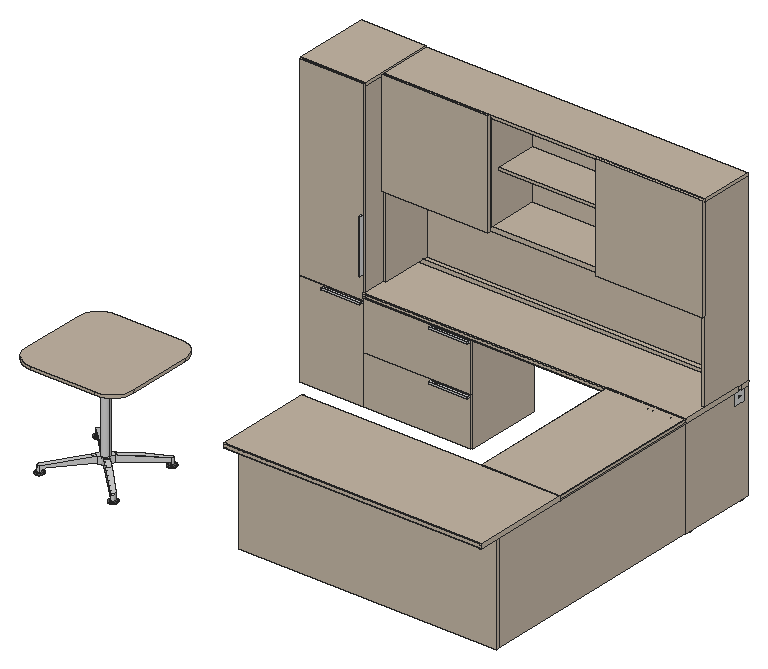
Revit family "FLT007", category Furniture, Revit 2015 (continued)
Definition of nested family "JSI-Flux-Wb_Pm_Ht"
  Dimensions and locks (in)
    aligned and locked: Extrusion 24 sketch curve to plane 58
    aligned and locked: Extrusion 24 sketch curve to plane 79
    aligned and locked: Extrusion 24 sketch curve to plane 80
    aligned and locked: plane 12 to Extrusion 24
    aligned and locked: Extrusion 24 to plane 49
    aligned and locked: curve 25 to plane 57
    aligned and locked: curve 26 to plane 58
    aligned and locked: plane 40 to curve 26
    aligned and locked: plane 26 to curve 26
    aligned and locked: plane 26 to curve 27
    aligned and locked: plane 40 to curve 28
  Automatic sketch dimensions
    Extrusion 8 sketch curve to plane 22 = 0' - 0"
    plane 25 to Extrusion 8 sketch curve = 0' - 0"
    Extrusion 9 sketch curve to plane 23 = 0' - 0"
    plane 25 to Extrusion 9 sketch curve = 0' - 0"
    Extrusion 10 sketch curve to plane 22 = 0' - 0"
    plane 24 to Extrusion 10 sketch curve = 0' - 0"
    Extrusion 11 sketch curve to plane 23 = 0' - 0"
    plane 24 to Extrusion 11 sketch curve = 0' - 0"
    plane 20 to Extrusion 1 sketch curve = 0' - 0"
    plane 20 to Extrusion 2 sketch curve = 0' - 0"
    plane 8 to curve 4 = 0' - 0"
    plane 18 to curve 14 = 0' - 0"
    plane 17 to curve 13 = 0' - 0"
    Extrusion 12 sketch curve to plane 9 = 0' - 0"
    Extrusion 13 sketch curve to plane 56 = 0' - 0"
  Nested families (in)
    nested 1: "Label 1-16" at (-27.03288, -11.0625, 0), type "DRWCFG"
    nested 2: "Hanger" at (-28.02501, -0.15625, 77.59375), Hngr L <- "Hngr_L", Hngr R <- "Hngr_R", Hanger Finish <- "Pull Finish", type "HNGR"
      with Hngr R no, Hngr L yes, Hanger Finish none
    nested 3: "Bar Pull CL" at (-32.97814, -11.0625, 26.73438), visible <- "Top_Pull", Pull Line <- "Top_Pull", Pull Finish <- "Pull Finish", type "PL"
      with Pull Line yes, Pull Finish none, Stud 0' - 1.54911", Pull Width 0' - 10 27/32"
    nested 4: "Bar Pull CL" at (-32.97814, -11.0625, 20.375), visible <- "C_Pull", Pull Line <- "C_Pull", Pull Finish <- "Pull Finish", type "PL"
      with Pull Line yes, Pull Finish none, Stud 0' - 1.54911", Pull Width 0' - 10 27/32"
    nested 5: "Bar Pull CL" at (-32.97814, -11.0625, 14.01563), visible <- "Bottom Pull", Pull Line <- "Bottom Pull", Pull Finish <- "Pull Finish", type "PL"
      with Pull Line yes, Pull Finish none, Stud 0' - 1.54911", Pull Width 0' - 10 27/32"
    nested 6: "Bar Pull V" at (-27.55626, -11.0625, 40.76563), Pull R <- "V_Pull_L_R", Pull L <- "V_Pull_L_L", Pull Finish <- "Pull Finish", type "PL"
      with Pull R no, Pull L no, Pull Finish none, Tuks Width 0' - 2.47396", Pull Width 1' - 2 27/32"
    nested 7: "Bar Pull V" at (-26.99376, -11.0625, 40.76563), Pull R <- "V_Pull_R_R", Pull L <- "V_Pull_R_L", Pull Finish <- "Pull Finish", type "PL"
      with Pull R no, Pull L yes, Pull Finish none, Tuks Width 0' - 2.47396", Pull Width 1' - 2 27/32"
    nested 8: "Bar Pull CL" at (-13.82189, -11.0625, 26.73438), Pull Finish <- "Pull Finish", visible <- "Top_2_Pull", Pull Line <- "Top_2_Pull", type "PL"
      with Pull Line no, Pull Finish none, Stud 0' - 1.54911", Pull Width 0' - 10 27/32"
  Definition of nested family "Hanger"
    Parameters
      Hngr L [instance] = yes
      Hngr R [instance] = yes
      Hanger Finish [instance] = none
    Reference planes (in)
      plane 1 "Center Front/Back": y = 0
      plane 2: z = 0
      plane 3 "Center Left/Right": x = 3.24213
    Forms (in)
      Extrusion 1, solid, material <- "Hanger Finish", visible <- "Hngr R"
        sketch origin (0, 0, -65.69959) x (1, 0, 0) y (0, 0, 1)
          loop
            line (3.24213, 65.32459) -> (3.24213, 63.58858)
            arc (3.24213, 63.58858) -> (3.7521, 62.87944) -> (4.58667, 63.13722) r 0.74803
            line (4.58667, 63.13722) -> (4.85512, 63.492) -> (4.73078, 63.58608) -> (4.45513, 63.2218)
            arc (4.45513, 63.2218) -> (3.83, 63.04103) -> (3.47835, 63.58858) r 0.54433
            line (3.47835, 63.58858) -> (3.55698, 64.7131)
            arc (3.55698, 64.7131) -> (3.65039, 65.09816) -> (3.86566, 65.43082) r 1.18359
            line (3.86566, 65.43082) -> (3.6823, 65.63583) -> (3.37377, 65.35987)
            arc (3.37377, 65.35987) -> (3.31215, 65.32654) -> (3.24213, 65.32459) r 0.15109
        from -0.46747 to 0.46747
      Extrusion 2, void
        sketch origin (3.24213, 0, -65.69959) x (0, 1, 0) y (0, 0, 1)
          loop
            line (0.46747, 65.91904) -> (0.30479, 62.81504) -> (0.46747, 62.81504) -> (0.46747, 65.91904)
          loop
            line (-0.46747, 65.91904) -> (-0.46747, 62.81504) -> (-0.30479, 62.81504) -> (-0.46747, 65.91904)
        from -1.75548 to 1.75581
      Extrusion 3, solid, material <- "Hanger Finish", visible <- "Hngr L"
        sketch origin (6.48425, 0, -65.69959) x (-1, 0, 0) y (0, 0, -1)
          loop
            arc (3.24213, -65.32459) -> (3.31215, -65.32654) -> (3.37377, -65.35987) r 0.15109
            line (3.37377, -65.35987) -> (3.6823, -65.63583) -> (3.86566, -65.43082)
            arc (3.86566, -65.43082) -> (3.65039, -65.09816) -> (3.55698, -64.7131) r 1.18359
            line (3.55698, -64.7131) -> (3.47835, -63.58858)
            arc (3.47835, -63.58858) -> (3.83, -63.04103) -> (4.45513, -63.2218) r 0.54433
            line (4.45513, -63.2218) -> (4.73078, -63.58608) -> (4.85512, -63.492) -> (4.58667, -63.13722)
            arc (4.58667, -63.13722) -> (3.7521, -62.87944) -> (3.24213, -63.58858) r 0.74803
            line (3.24213, -63.58858) -> (3.24213, -65.32459)
        from -0.46747 to 0.46747
    Cuts and joins
      Extrusion 2 cuts Extrusion 3
      Extrusion 2 cuts Extrusion 1
    Dimensions and locks (in)
      aligned and locked: level to plane 2
  Definition of nested family "Bar Pull CL"
    Parameters
      Stud = Pull Width / 7  # 0' - 2.12054"
      Pull Width = 1' - 2 27/32"
      Pull Line [instance] = yes
      Pull Finish [instance] = none
    Reference planes (in)
      plane 1 "Center Front/Back": y = 0
      plane 2: z = 0
      plane 3 "Center Left/Right": x = 3.24213
    Forms (in)
      Extrusion 1, solid, material <- "Pull Finish"
        sketch origin (0, 0, 0) x (1, 0, 0) y (0, 1, 0)
          loop
            line (-4.17975, 0) -> (-4.17975, -0.85113)
            arc (-4.17975, -0.85113) -> (-4.15229, -0.91742) -> (-4.086, -0.94488) r 0.09375
            line (-4.086, -0.94488) -> (10.58526, -0.94488)
            arc (10.58526, -0.94488) -> (10.64094, -0.92182) -> (10.664, -0.86614) r 0.07874
            line (10.664, -0.86614) -> (10.664, 0) -> (8.54347, 0) -> (8.54347, -0.70177)
            arc (8.54347, -0.70177) -> (8.50685, -0.79016) -> (8.41847, -0.82677) r 0.125
            line (8.41847, -0.82677) -> (-1.93421, -0.82677)
            arc (-1.93421, -0.82677) -> (-2.0226, -0.79016) -> (-2.05921, -0.70177) r 0.125
            line (-2.05921, -0.70177) -> (-2.05921, 0) -> (-4.17975, 0)
        from -0.43307 to -0.11811
      Extrusion 2, solid, material <- "Pull Finish"
        sketch origin (0, 0, 0) x (1, 0, 0) y (0, 1, 0)
          loop
            line (-4.17975, 0) -> (-4.17975, -0.85113)
            arc (-4.17975, -0.85113) -> (-4.15229, -0.91742) -> (-4.086, -0.94488) r 0.09375
            line (-4.086, -0.94488) -> (10.58526, -0.94488)
            arc (10.58526, -0.94488) -> (10.64094, -0.92182) -> (10.664, -0.86614) r 0.07874
            line (10.664, -0.86614) -> (10.664, 0) -> (-4.17975, 0)
        from 0 to -0.11811
    Cuts and joins
      joined: Extrusion 1, Extrusion 2
    Lines and regions (in)
      symbolic lines, visible <- "Pull Line"
        curve 1: line (-4.17975, 0, 0) -> (-4.17975, -0.85113, 0)
        curve 2: line (10.664, -0.86614, 0) -> (10.664, 0, 0)
        curve 3: line (-4.086, -0.94488, 0) -> (10.58526, -0.94488, 0)
        curve 4: arc (-4.17975, -0.85113, 0) -> (-4.15229, -0.91742, 0) -> (-4.086, -0.94488, 0) r 0.09375
        curve 5: arc (10.58526, -0.94488, 0) -> (10.64094, -0.92182, 0) -> (10.664, -0.86614, 0) r 0.07874
    Dimensions and locks (in)
      equal spacing: Extrusion 1 sketch curve, plane 3 "Center Left/Right", Extrusion 1 sketch curve
      "Stud": Extrusion 1 sketch curve to Extrusion 1 sketch curve  (x2)
      "Pull Width": Extrusion 1 sketch curve to Extrusion 1 sketch curve
      aligned and locked: level to plane 2
      aligned and locked: Extrusion 2 sketch curve to Extrusion 1  (x2)
      aligned and locked: cut or joined group of Extrusion 1, Extrusion 2 to curve 1
      aligned and locked: curve 4 to cut or joined group of Extrusion 1, Extrusion 2
      aligned and locked: curve 5 to cut or joined group of Extrusion 1, Extrusion 2
      aligned and locked: plane 1 "Center Front/Back" to curve 1
      aligned and locked: plane 1 "Center Front/Back" to curve 2
    Automatic sketch dimensions
      plane 1 "Center Front/Back" to Extrusion 2 sketch curve = 0' - 0"
      plane 1 "Center Front/Back" to Extrusion 1 sketch curve = 0' - 0"  (x2)
      Extrusion 1 sketch curve to Extrusion 1 sketch curve = 0' - 0 3/32"
      Extrusion 1 sketch curve to Extrusion 1 sketch curve = 0' - 0 1/8"  (x2)
      Extrusion 1 sketch curve to Extrusion 1 sketch curve = 0' - 0.07874"
      plane 1 "Center Front/Back" to Extrusion 1 sketch curve = 0' - 0.70177"
      Extrusion 1 sketch curve to Extrusion 1 sketch curve = 0' - 0.85113"
  Definition of nested family "Bar Pull V"
    Parameters
      Tuks Width = Pull Width / 6  # 0' - 2.47917"
      Pull Width = 1' - 2 7/8"
      Pull R [instance] = yes
      Pull L [instance] = yes
      Pull Finish [instance] = none
    Reference planes (in)
      plane 1 "Center Front/Back": y = 0
      plane 2: z = 0
      plane 3 "Center Left/Right": x = 3.24213
      plane 4: z = 7.4375
      plane 5: z = -7.4375
      plane 6: z = 4.95833
      plane 7: z = -4.95833
    Forms (in)
      Extrusion 1, solid, material <- "Pull Finish", visible <- "Pull R"
        sketch origin (3.24213, 0, 3.24963) x (0, 0, -1) y (0, 1, 0)
          loop
            line (-4.18787, 0) -> (-4.18787, -0.85113)
            arc (-4.18787, -0.85113) -> (-4.16041, -0.91742) -> (-4.09412, -0.94488) r 0.09375
            line (-4.09412, -0.94488) -> (10.60839, -0.94488)
            arc (10.60839, -0.94488) -> (10.66407, -0.92182) -> (10.68713, -0.86614) r 0.07874
            line (10.68713, -0.86614) -> (10.68713, 0) -> (8.20796, 0) -> (8.20796, -0.70177)
            arc (8.20796, -0.70177) -> (8.17135, -0.79016) -> (8.08296, -0.82677) r 0.125
            line (8.08296, -0.82677) -> (-1.5837, -0.82677)
            arc (-1.5837, -0.82677) -> (-1.67209, -0.79016) -> (-1.7087, -0.70177) r 0.125
            line (-1.7087, -0.70177) -> (-1.7087, 0) -> (-4.18787, 0)
        from -0.43307 to -0.11811
      Extrusion 2, solid, material <- "Pull Finish", visible <- "Pull R"
        sketch origin (3.24213, 0, 3.24963) x (0, 0, -1) y (0, 1, 0)
          loop
            line (-4.18787, 0) -> (-4.18787, -0.85113)
            arc (-4.18787, -0.85113) -> (-4.16041, -0.91742) -> (-4.09412, -0.94488) r 0.09375
            line (-4.09412, -0.94488) -> (10.60839, -0.94488)
            arc (10.60839, -0.94488) -> (10.66407, -0.92182) -> (10.68713, -0.86614) r 0.07874
            line (10.68713, -0.86614) -> (10.68713, 0) -> (-4.18787, 0)
        from 0 to -0.11811
      Extrusion 3, solid, material <- "Pull Finish", visible <- "Pull L"
        sketch origin (3.24213, 0, 3.24963) x (0, 0, -1) y (0, -1, 0)
          loop
            line (-4.18787, 0) -> (-1.7087, 0) -> (-1.7087, 0.70177)
            arc (-1.7087, 0.70177) -> (-1.67209, 0.79016) -> (-1.5837, 0.82677) r 0.125
            line (-1.5837, 0.82677) -> (8.08296, 0.82677)
            arc (8.08296, 0.82677) -> (8.17135, 0.79016) -> (8.20796, 0.70177) r 0.125
            line (8.20796, 0.70177) -> (8.20796, 0) -> (10.68713, 0) -> (10.68713, 0.86614)
            arc (10.68713, 0.86614) -> (10.66407, 0.92182) -> (10.60839, 0.94488) r 0.07874
            line (10.60839, 0.94488) -> (-4.09412, 0.94488)
            arc (-4.09412, 0.94488) -> (-4.16041, 0.91742) -> (-4.18787, 0.85113) r 0.09375
            line (-4.18787, 0.85113) -> (-4.18787, 0)
        from -0.43307 to -0.11811
      Extrusion 4, solid, material <- "Pull Finish", visible <- "Pull L"
        sketch origin (3.24213, 0, 3.24963) x (0, 0, -1) y (0, -1, 0)
          loop
            line (-4.18787, 0) -> (10.68713, 0) -> (10.68713, 0.86614)
            arc (10.68713, 0.86614) -> (10.66407, 0.92182) -> (10.60839, 0.94488) r 0.07874
            line (10.60839, 0.94488) -> (-4.09412, 0.94488)
            arc (-4.09412, 0.94488) -> (-4.16041, 0.91742) -> (-4.18787, 0.85113) r 0.09375
            line (-4.18787, 0.85113) -> (-4.18787, 0)
        from 0 to -0.11811
    Cuts and joins
      joined: Extrusion 1, Extrusion 2
      joined: Extrusion 3, Extrusion 4
    Dimensions and locks (in)
      "Pull Width": plane 4 to plane 5
      "Tuks Width": plane 4 to plane 6
      "Tuks Width": plane 7 to plane 5
      equal spacing: plane 4, plane 2, plane 5
      aligned and locked: level to plane 2
      aligned and locked: Extrusion 2 sketch curve to Extrusion 1  (x2)
      aligned and locked: Extrusion 4 sketch curve to Extrusion 3  (x2)
      aligned and locked: plane 4 to cut or joined group of Extrusion 1, Extrusion 2  (x3)
      aligned and locked: plane 4 to cut or joined group of Extrusion 3, Extrusion 4
      aligned and locked: cut or joined group of Extrusion 1, Extrusion 2 to plane 6
      aligned and locked: cut or joined group of Extrusion 3, Extrusion 4 to plane 6
      aligned and locked: plane 7 to cut or joined group of Extrusion 1, Extrusion 2
      aligned and locked: cut or joined group of Extrusion 1, Extrusion 2 to plane 5
      aligned and locked: cut or joined group of Extrusion 3, Extrusion 4 to plane 5
    Automatic sketch dimensions
      Extrusion 1 sketch curve to plane 4 = 0' - 0"
      Extrusion 1 sketch curve to plane 6 = 0' - 0"
      Extrusion 1 sketch curve to plane 1 "Center Front/Back" = 0' - 0"  (x2)
      Extrusion 1 sketch curve to plane 7 = 0' - 0"
      Extrusion 1 sketch curve to plane 5 = 0' - 0"
      Extrusion 1 sketch curve to Extrusion 1 sketch curve = 0' - 0 3/32"
      Extrusion 1 sketch curve to plane 6 = 0' - 0 1/8"
      plane 7 to Extrusion 1 sketch curve = 0' - 0 1/8"
      plane 5 to Extrusion 1 sketch curve = 0' - 0.07874"
      plane 1 "Center Front/Back" to Extrusion 1 sketch curve = 0' - 0.70177"
      Extrusion 1 sketch curve to Extrusion 1 sketch curve = 0' - 0.85113"
      Extrusion 2 sketch curve to plane 4 = 0' - 0"
      Extrusion 2 sketch curve to plane 5 = 0' - 0"
      Extrusion 2 sketch curve to Extrusion 2 sketch curve = 0' - 0 3/32"
      Extrusion 2 sketch curve to Extrusion 2 sketch curve = 0' - 0.07874"
      Extrusion 3 sketch curve to plane 4 = 0' - 0"
      Extrusion 3 sketch curve to plane 6 = 0' - 0"
      Extrusion 3 sketch curve to plane 1 "Center Front/Back" = 0' - 0"  (x2)
      Extrusion 3 sketch curve to plane 7 = 0' - 0"
      Extrusion 3 sketch curve to plane 5 = 0' - 0"
      Extrusion 3 sketch curve to plane 4 = 0' - 0 3/32"
      Extrusion 3 sketch curve to plane 6 = 0' - 0 1/8"
      plane 7 to Extrusion 3 sketch curve = 0' - 0 1/8"
      plane 5 to Extrusion 3 sketch curve = 0' - 0.07874"
      plane 1 "Center Front/Back" to Extrusion 3 sketch curve = 0' - 0.70177"
      Extrusion 3 sketch curve to Extrusion 3 sketch curve = 0' - 0.85113"
      Extrusion 4 sketch curve to plane 4 = 0' - 0"
      Extrusion 4 sketch curve to plane 5 = 0' - 0"
      Extrusion 4 sketch curve to plane 4 = 0' - 0 3/32"
      Extrusion 4 sketch curve to Extrusion 4 sketch curve = 0' - 0.07874"
  Definition of nested family "Label 1-16"
    Parameters
      Model Name = "BF - BF - BF"
    Reference planes (in)
      plane 1: y = 0
      plane 2: x = 0
    Text (in)
      label "XX" at (0.00051, -0.12324, 0), shows "Model Name"
Definition of nested family "JSI-Flux-Square-Stationary_Table"
  Parameters (values of type "FLT2424ST4B,Laminate 24x24 Square Stationary Height Table")
    Worksurface = none
    Width = 2' - 0"
    URL = "www.jsifurniture.com"
    Type Comments = ""
    Support = none
    Series = "FLUX"  # constant formula
    Legs = none
    Model = "FLT2424ST4B"
    Material = ""
    Manufacturer = "JSI"  # constant formula
    Keynote = "12500"
    JSI Enviromental Website = "http://www.jsifurniture.com/jsi_sustainability_intro.php"
    Height = 2' - 5"
    Glides = none
    Description = "Square Stationary Height Table, Depth 24”, Width 24”, Height 29”, Laminate"
    Depth = 2' - 0"
    Assembly Code = "E2020200"
  Types (4): name | Width | Model | Description | Depth
    FLV3030ST4B,Veneer 30x30 Square Stationary Height Table | 2' - 6" | "FLV3030ST4B" | "Square Stationary Height Table, Depth 30”, Width 30”, Height 29”, Venner" | 2' - 6"
    FLV2424ST4B,Veneer 24x24 Square Stationary Height Table | 2' - 0" | "FLV2424ST4B" | "Square Stationary Height Table, Depth 24”, Width 24”, Height 29”, Venner" | 2' - 0"
    FLT3030ST4B,Laminate 30x30 Square Stationary Height Table | 2' - 6" | "FLT3030ST4B" | "Square Stationary Height Table, Depth 30”, Width 30”, Height 29”, Laminate" | 2' - 6"
    FLT2424ST4B,Laminate 24x24 Square Stationary Height Table | 2' - 0" | "FLT2424ST4B" | "Square Stationary Height Table, Depth 24”, Width 24”, Height 29”, Laminate" | 2' - 0"
  Reference planes (in)
    plane 1: z = 0
    plane 2 "Center (Left/Right)": x = -36.06413
    plane 3: z = 29
    plane 4 "Center (Front/Back)": y = 10.75
    plane 5: z = 28.25
    plane 6: z = 28
    plane 7: y = 22.75
    plane 8: y = -1.25
    plane 9: x = -48.06413
    plane 10: x = -24.06413
    plane 11: z = 3.77058
    plane 12: through (-41.94098, 16.62684, 48) normal (-0.7071, -0.7071, 0)
    plane 13: through (-30.05373, 16.76041, 48) normal (-0.7071, 0.7071, 0)
  Forms (in)
    Sweep 1, solid, material <- "Worksurface"
      path origin (0, 0, 0) x (1, 0, 0) y (0, 1, 0)
        loop
          line (-30.06413, 22.75) -> (-42.06413, 22.75)
          arc (-42.06413, 22.75) -> (-46.30678, 20.99264) -> (-48.06413, 16.75) r 6
          line (-48.06413, 16.75) -> (-48.06413, 4.75)
          arc (-48.06413, 4.75) -> (-46.30678, 0.50736) -> (-42.06413, -1.25) r 6
          line (-42.06413, -1.25) -> (-30.06413, -1.25)
          arc (-30.06413, -1.25) -> (-25.82149, 0.50736) -> (-24.06413, 4.75) r 6
          line (-24.06413, 4.75) -> (-24.06413, 16.75)
          arc (-24.06413, 16.75) -> (-25.82149, 20.99264) -> (-30.06413, 22.75) r 6
      profile origin (-36.06413, 22.75, 0) x (0, -1, 0) y (0, 0, 1)
        loop
          line (0, 29) -> (0, 28.25) -> (0.05897, 28.25) -> (0.05897, 29) -> (0, 29)
    Extrusion 2, solid, material <- "Worksurface"
      sketch origin (-30.06413, 22.75, 29) x (-1, 0, 0) y (0, -1, 0)
        loop
          line (12, 23.94103) -> (0, 23.94103)
          arc (0, 23.94103) -> (-4.20094, 22.20094) -> (-5.94103, 18) r 5.94103
          line (-5.94103, 18) -> (-5.94103, 6)
          arc (-5.94103, 6) -> (-4.20094, 1.79906) -> (0, 0.05897) r 5.94103
          line (0, 0.05897) -> (12, 0.05897)
          arc (12, 0.05897) -> (16.20094, 1.79906) -> (17.94103, 6) r 5.94103
          line (17.94103, 6) -> (17.94103, 18)
          arc (17.94103, 18) -> (16.20094, 22.20094) -> (12, 23.94103) r 5.94103
      from 0 to -0.75
    Revolve 3, solid, material <- "Support"
      sketch origin (0, 10.75, 0) x (1, 0, 0) y (0, 0, 1)
        loop
          line (-42.06413, 28.25) -> (-42.06413, 28) -> (-36.06413, 28) -> (-36.06413, 28.25) -> (-42.06413, 28.25)
        axis (-36.06413, 28) -> (-36.06413, 28.25)
      angle from 0 to 360
    Sweep 4, solid, material <- "Legs"
      path origin (0, 0, 0) x (1, 0, 0) y (0, 0, 1)
        loop
          line (-36.06413, 3.77058) -> (-36.06413, 28)
      profile origin (-36.06413, 0, 15.88529) x (-1, 0, 0) y (0, -1, 0)
        loop
          circle (0, -10.75) r 1.17812
  Cuts and joins
    joined: Sweep 1, Extrusion 2
  Lines and regions (in)
    symbolic lines
      curve 1: line (-30.06413, 22.75, 0) -> (-42.06413, 22.75, 0)
      curve 2: arc (-42.06413, 22.75, 0) -> (-46.30678, 20.99264, 0) -> (-48.06413, 16.75, 0) r 6
      curve 3: line (-48.06413, 16.75, 0) -> (-48.06413, 4.75, 0)
      curve 4: arc (-48.06413, 4.75, 0) -> (-46.30678, 0.50736, 0) -> (-42.06413, -1.25, 0) r 6
      curve 5: line (-42.06413, -1.25, 0) -> (-30.06413, -1.25, 0)
      curve 6: arc (-30.06413, -1.25, 0) -> (-25.82149, 0.50736, 0) -> (-24.06413, 4.75, 0) r 6
      curve 7: line (-24.06413, 4.75, 0) -> (-24.06413, 16.75, 0)
      curve 8: arc (-24.06413, 16.75, 0) -> (-25.82149, 20.99264, 0) -> (-30.06413, 22.75, 0) r 6
    symbolic lines, detail levels fine
      curve 9: circle (-36.06413, 10.75, 0) r 6 normal (0, 0, 1)
  Dimensions and locks (in)
    "Height": plane 3 to level
    locked: plane 3 to plane 5 at 0.75
    locked: plane 5 to plane 6 at 0.25
    equal spacing: plane 9, plane 2 "Center (Left/Right)", plane 10
    "Width": plane 9 to plane 10
    equal spacing: plane 7, plane 4 "Center (Front/Back)", plane 8
    "Depth": plane 7 to plane 8
    locked: plane 7 to Sweep 1 sketch curve at 0.05897
    locked: plane 9 to Sweep 1 sketch curve at 6  (x2)
    locked: plane 7 to Sweep 1 sketch curve at 6  (x2)
    locked: Sweep 1 sketch curve to plane 10 at 6  (x2)
    locked: Sweep 1 sketch curve to plane 8 at 6  (x2)
    locked: plane 11 to plane 1 at 3.77058
    aligned and locked: plane 1 to level
    aligned and locked: Sweep 1 sketch curve to plane 9
    aligned and locked: Sweep 1 sketch curve to plane 10
    aligned and locked: Sweep 1 sketch curve to plane 8
    aligned and locked: Sweep 1 sketch curve to plane 7
    aligned and locked: Sweep 1 sketch curve to plane 5
    aligned and locked: Sweep 1 sketch curve to plane 3
    aligned and locked: Extrusion 2 sketch curve to Sweep 1  (x4)
    aligned and locked: Extrusion 2 to plane 3
    aligned and locked: plane 5 to Extrusion 2
    aligned and locked: plane 6 to Sweep 4 sketch curve
    aligned and locked: plane 11 to Sweep 4 sketch curve
    aligned and locked: plane 12 to nested 1
    aligned and locked: plane 13 to nested 1
    aligned and locked: curve 2 to cut or joined group of Sweep 1, Extrusion 2
    aligned and locked: curve 4 to cut or joined group of Sweep 1, Extrusion 2
    aligned and locked: curve 6 to cut or joined group of Sweep 1, Extrusion 2
    aligned and locked: curve 8 to cut or joined group of Sweep 1, Extrusion 2
  Automatic sketch dimensions
    Revolve 3 sketch curve to plane 5 = 0' - 0"
    Revolve 3 sketch curve to plane 6 = 0' - 0"  (x2)
    Revolve 3 sketch curve to plane 2 "Center (Left/Right)" = 0' - 0"  (x2)
    Revolve 3 sketch curve to plane 3 = 0' - 0"
    Revolve 3 sketch curve to Revolve 3 sketch curve = 0' - 6"
    Sweep 4 sketch curve to plane 2 "Center (Left/Right)" = 0' - 0"
    Sweep 4 sketch curve to profile plane = 0' - 0"
    Sweep 4 sketch curve to profile plane = 0' - 10 3/4"
    curve 9 to plane 2 "Center (Left/Right)" = 0' - 0"
    plane 4 "Center (Front/Back)" to curve 9 = 0' - 0"
    radius of Sweep 4 sketch curve = 0' - 1.17812"
    radius of curve 9 = 0' - 6"
  Nested families (in)
    nested 1: "Leg" at (-36.06413, 10.75, 0) x (0.7071, -0.7071, 0) z (0, 0, 1), Leg <- "Legs", Glides <- "Glides", type "LG"
      with Leg none, Glides none
  Definition of nested family "Leg"
    Parameters
      Leg [instance] = none
      Glides [instance] = none
    Reference planes (in)
      plane 1 "Center (Front/Back)": y = 0
      plane 2: z = 0
      plane 3 "Center (Left/Right)": x = 0
    Forms (in)
      Extrusion 1, solid, material <- "Leg"
        sketch origin (0, 0, 0) x (1, 0, 0) y (0, 0, 1)
          loop
            line (-0.75, 3.75) -> (-2.20054, 3.75)
            arc (-2.20054, 3.75) -> (-2.28452, 3.74948) -> (-2.36849, 3.74791) r 6.76178
            arc (-2.36849, 3.74791) -> (-8.68846, 3.25467) -> (-14.92066, 2.09494) r 59.77845
            arc (-14.92066, 2.09494) -> (-15.00208, 2.0437) -> (-15.03594, 1.95365) r 0.15077
            line (-15.03594, 1.95365) -> (-15.07979, 0.69775)
            arc (-15.07979, 0.69775) -> (-15.05871, 0.64281) -> (-15.00454, 0.61981) r 0.0753
            line (-15.00454, 0.61981) -> (-14.44703, 0.61981)
            arc (-14.44703, 0.61981) -> (-14.42739, 0.62795) -> (-14.41925, 0.6476) r 0.02778
            line (-14.41925, 0.6476) -> (-14.41925, 0.70379)
            arc (-14.41925, 0.70379) -> (-14.41195, 0.73627) -> (-14.39147, 0.7625) r 0.07593
            line (-14.39147, 0.7625) -> (-14.1971, 0.92194) -> (-13.56147, 1.31913)
            arc (-13.56147, 1.31913) -> (-13.4254, 1.38495) -> (-13.27838, 1.42011) r 0.70161
            arc (-13.27838, 1.42011) -> (-7.02608, 1.96894) -> (-0.75, 2.02611) r 80.02661
            line (-0.75, 2.02611) -> (-0.75, 3.75)
        from -1.10285 to 1.0306
      Extrusion 2, void
        sketch origin (0, 0, 0) x (1, 0, 0) y (0, 1, 0)
          loop
            line (-14.55691, 0.48872) -> (-0.75, 0.72972) -> (-0.75, 1.70351) -> (-16.50119, 1.70351) -> (-16.50119, -2.29649) -> (-0.75, -2.29649) -> (-0.75, -0.74461) -> (-14.55691, -0.50361)
            arc (-14.55691, -0.50361) -> (-15.04448, -0.00745) -> (-14.55691, 0.48872) r 0.49624
        from 0 to 12
      Extrusion 3, solid, material <- "Leg"
        sketch origin (0, 0, 0) x (-1, 0, 0) y (0, 0, -1)
          loop
            line (-0.74791, -3.75) -> (-0.74791, -2.02605)
            arc (-0.74791, -2.02605) -> (-7.02504, -1.969) -> (-13.27838, -1.42011) r 80.02661
            arc (-13.27838, -1.42011) -> (-13.4254, -1.38495) -> (-13.56147, -1.31913) r 0.70161
            line (-13.56147, -1.31913) -> (-14.1971, -0.92194) -> (-14.39147, -0.7625)
            arc (-14.39147, -0.7625) -> (-14.41195, -0.73627) -> (-14.41925, -0.70379) r 0.07593
            line (-14.41925, -0.70379) -> (-14.41925, -0.6476)
            arc (-14.41925, -0.6476) -> (-14.42739, -0.62795) -> (-14.44703, -0.61981) r 0.02778
            line (-14.44703, -0.61981) -> (-15.00454, -0.61981)
            arc (-15.00454, -0.61981) -> (-15.05871, -0.64281) -> (-15.07979, -0.69775) r 0.0753
            line (-15.07979, -0.69775) -> (-15.03594, -1.95365)
            arc (-15.03594, -1.95365) -> (-15.00208, -2.0437) -> (-14.92066, -2.09494) r 0.15077
            arc (-14.92066, -2.09494) -> (-10.28979, -3.0217) -> (-5.60021, -3.58) r 59.77845
            arc (-5.60021, -3.58) -> (-3.45063, -3.70748) -> (-1.29769, -3.75) r 54.53193
            line (-1.29769, -3.75) -> (-0.74791, -3.75)
        from -1.10285 to 1.0306
      Extrusion 4, solid, material <- "Leg"
        sketch origin (-0.03613, 0.03613, 0) x (0, -1, 0) y (0, 0, 1)
          loop
            line (-0.71387, 3.75) -> (-2.24983, 3.75)
            arc (-2.24983, 3.75) -> (-2.28238, 3.74981) -> (-2.31494, 3.74922) r 2.71957
            arc (-2.31494, 3.74922) -> (-8.6619, 3.25816) -> (-14.92066, 2.09494) r 59.77845
            arc (-14.92066, 2.09494) -> (-15.00208, 2.0437) -> (-15.03594, 1.95365) r 0.15077
            line (-15.03594, 1.95365) -> (-15.07979, 0.69775)
            arc (-15.07979, 0.69775) -> (-15.05871, 0.64281) -> (-15.00454, 0.61981) r 0.0753
            line (-15.00454, 0.61981) -> (-14.44703, 0.61981)
            arc (-14.44703, 0.61981) -> (-14.42739, 0.62795) -> (-14.41925, 0.6476) r 0.02778
            line (-14.41925, 0.6476) -> (-14.41925, 0.70379)
            arc (-14.41925, 0.70379) -> (-14.41195, 0.73627) -> (-14.39147, 0.7625) r 0.07593
            line (-14.39147, 0.7625) -> (-14.1971, 0.92194) -> (-13.56147, 1.31913)
            arc (-13.56147, 1.31913) -> (-13.4254, 1.38495) -> (-13.27838, 1.42011) r 0.70161
            arc (-13.27838, 1.42011) -> (-7.00803, 1.96982) -> (-0.71387, 2.02502) r 80.02661
            line (-0.71387, 2.02502) -> (-0.71387, 3.75)
        from -1.10285 to 1.0306
      Extrusion 5, solid, material <- "Leg"
        sketch origin (-0.03613, 0.03613, 0) x (0, 1, 0) y (0, 0, -1)
          loop
            line (-0.78352, -3.75) -> (-0.78352, -2.02712)
            arc (-0.78352, -2.02712) -> (-7.04283, -1.96813) -> (-13.27838, -1.42011) r 80.02661
            arc (-13.27838, -1.42011) -> (-13.4254, -1.38495) -> (-13.56147, -1.31913) r 0.70161
            line (-13.56147, -1.31913) -> (-14.1971, -0.92194) -> (-14.39147, -0.7625)
            arc (-14.39147, -0.7625) -> (-14.41195, -0.73627) -> (-14.41925, -0.70379) r 0.07593
            line (-14.41925, -0.70379) -> (-14.41925, -0.6476)
            arc (-14.41925, -0.6476) -> (-14.42739, -0.62795) -> (-14.44703, -0.61981) r 0.02778
            line (-14.44703, -0.61981) -> (-15.00454, -0.61981)
            arc (-15.00454, -0.61981) -> (-15.05871, -0.64281) -> (-15.07979, -0.69775) r 0.0753
            line (-15.07979, -0.69775) -> (-15.03594, -1.95365)
            arc (-15.03594, -1.95365) -> (-15.00208, -2.0437) -> (-14.92066, -2.09494) r 0.15077
            arc (-14.92066, -2.09494) -> (-9.01897, -3.21021) -> (-3.03515, -3.72763) r 59.77845
            arc (-3.03515, -3.72763) -> (-2.41385, -3.74441) -> (-1.79235, -3.75) r 34.5321
            line (-1.79235, -3.75) -> (-0.78352, -3.75)
        from -1.10285 to 1.0306
      Extrusion 6, void
        sketch origin (0, 0, 0) x (-1, 0, 0) y (0, -1, 0)
          loop
            arc (-14.55691, -0.48872) -> (-15.04448, 0.00745) -> (-14.55691, 0.50361) r 0.49624
            line (-14.55691, 0.50361) -> (-0.74791, 0.74465) -> (-0.74791, 2.29649) -> (-16.50119, 2.29649) -> (-16.50119, -1.70351) -> (-0.74791, -1.70351) -> (-0.74791, -0.72975) -> (-14.55691, -0.48872)
        from 0 to 12
      Extrusion 7, void
        sketch origin (0, 0, 0) x (1, 0, 0) y (0, 1, 0)
          loop
            arc (-0.47855, 14.53044) -> (0.02322, 15.02291) -> (0.52377, 14.52919) r 0.50122
            line (0.52377, 14.52919) -> (0.73, 0.75) -> (1.68672, 0.75) -> (1.68672, 16.01475) -> (-1.68828, 16.01475) -> (-1.68828, 0.75) -> (-0.71909, 0.75) -> (-0.47855, 14.53044)
        from 0 to 12
      Extrusion 8, void
        sketch origin (0, 0, 0) x (1, 0, 0) y (0, 1, 0)
          loop
            line (-0.47855, -14.53044) -> (-0.72233, -0.56407) -> (-1.68828, -0.56407) -> (-1.68828, -16.01475) -> (1.68672, -16.01475) -> (1.68672, -0.56407) -> (0.73278, -0.56407) -> (0.52377, -14.52919)
            arc (0.52377, -14.52919) -> (0.02322, -15.02291) -> (-0.47855, -14.53044) r 0.50122
        from 0 to 12
      Extrusion 9, solid, material <- "Leg"
        sketch origin (0, 0, 0) x (1, 0, 0) y (0, 1, 0)
          loop
            line (-1.90725, 0.70952) -> (-1.90725, -0.70952)
            arc (-1.90725, -0.70952) -> (-1.07649, -1.1791) -> (-0.69632, -2.05439) r 1.50197
            line (-0.69632, -2.05439) -> (0.69632, -2.05439)
            arc (0.69632, -2.05439) -> (1.07649, -1.1791) -> (1.90725, -0.70952) r 1.50197
            line (1.90725, -0.70952) -> (1.90725, 0.70952)
            arc (1.90725, 0.70952) -> (1.07649, 1.1791) -> (0.69632, 2.05439) r 1.50197
            line (0.69632, 2.05439) -> (-0.69632, 2.05439)
            arc (-0.69632, 2.05439) -> (-1.07649, 1.1791) -> (-1.90725, 0.70952) r 1.50197
        from 2.00819 to 3.75642
      Revolve 10, solid, material <- "Leg"
        sketch origin (0, 0, 0) x (1, 0, 0) y (0, 0, 1)
          loop
            line (0, 2.05426) -> (-1.16333, 2.05426) -> (-1.16333, 1.71999)
            arc (-1.16333, 1.71999) -> (-1.14097, 1.66602) -> (-1.087, 1.64366) r 0.07633
            line (-1.087, 1.64366) -> (0, 1.64366) -> (0, 2.05426)
          axis (0, 1.64366) -> (0, 2.05426)
        angle from 0 to 360
      Revolve 11, solid, material <- "Glides"
        sketch origin (0, 0, 0) x (1, 0, 0) y (0, 0, 1)
          loop
            line (-14.51957, 1.36981) -> (-14.75934, 1.36981) -> (-14.75934, 0.36981) -> (-15.57513, 0.36981)
            arc (-15.57513, 0.36981) -> (-15.66284, 0.33348) -> (-15.69917, 0.24577) r 0.12404
            line (-15.69917, 0.24577) -> (-15.69917, 0.1176)
            arc (-15.69917, 0.1176) -> (-15.66472, 0.03445) -> (-15.58156, 0) r 0.1176
            line (-15.58156, 0) -> (-14.51957, 0) -> (-14.51957, 1.36981)
          axis (-14.51957, 1.36981) -> (-14.51957, 0)
        angle from 0 to 360
      Revolve 12, solid, material <- "Glides"
        sketch origin (0, 0, 0) x (-1, 0, 0) y (0, 0, 1)
          loop
            line (-14.51957, 1.36981) -> (-14.75934, 1.36981) -> (-14.75934, 0.36981) -> (-15.57513, 0.36981)
            arc (-15.57513, 0.36981) -> (-15.66284, 0.33348) -> (-15.69917, 0.24577) r 0.12404
            line (-15.69917, 0.24577) -> (-15.69917, 0.1176)
            arc (-15.69917, 0.1176) -> (-15.66472, 0.03445) -> (-15.58156, 0) r 0.1176
            line (-15.58156, 0) -> (-14.51957, 0) -> (-14.51957, 1.36981)
          axis (-14.51957, 1.36981) -> (-14.51957, 0)
        angle from 0 to 360
      Revolve 13, solid, material <- "Glides"
        sketch origin (-14.49612, 14.51452, 0) x (-1, 0, 0) y (0, 0, 1)
          loop
            line (-14.51957, 1.36981) -> (-14.75934, 1.36981) -> (-14.75934, 0.36981) -> (-15.57513, 0.36981)
            arc (-15.57513, 0.36981) -> (-15.66284, 0.33348) -> (-15.69917, 0.24577) r 0.12404
            line (-15.69917, 0.24577) -> (-15.69917, 0.1176)
            arc (-15.69917, 0.1176) -> (-15.66472, 0.03445) -> (-15.58156, 0) r 0.1176
            line (-15.58156, 0) -> (-14.51957, 0) -> (-14.51957, 1.36981)
          axis (-14.51957, 1.36981) -> (-14.51957, 0)
        angle from 0 to 360
      Revolve 14, solid, material <- "Glides"
        sketch origin (-14.49612, -14.51452, 0) x (-1, 0, 0) y (0, 0, 1)
          loop
            line (-14.51957, 1.36981) -> (-14.75934, 1.36981) -> (-14.75934, 0.36981) -> (-15.57513, 0.36981)
            arc (-15.57513, 0.36981) -> (-15.66284, 0.33348) -> (-15.69917, 0.24577) r 0.12404
            line (-15.69917, 0.24577) -> (-15.69917, 0.1176)
            arc (-15.69917, 0.1176) -> (-15.66472, 0.03445) -> (-15.58156, 0) r 0.1176
            line (-15.58156, 0) -> (-14.51957, 0) -> (-14.51957, 1.36981)
          axis (-14.51957, 1.36981) -> (-14.51957, 0)
        angle from 0 to 360
    Cuts and joins
      Extrusion 2, Extrusion 6 cuts Extrusion 1
      Extrusion 6 cuts Extrusion 3
      Extrusion 6, Extrusion 7, Extrusion 8 cuts Extrusion 4
      Extrusion 8 cuts Extrusion 5
      joined: Extrusion 1, Extrusion 3, Extrusion 4, Extrusion 5, Extrusion 9
    Lines and regions (in)
      symbolic lines, detail levels fine
        curve 1: line (-14.56621, 0.48679, 0) -> (-2.16753, 0.70498, 0)
        curve 2: line (-14.56579, -0.50418, 0) -> (-2.16871, -0.71162, 0)
        curve 3: arc (-14.56621, 0.48679, 0) -> (-15.05305, -0.0089, 0) -> (-14.56579, -0.50418, 0) r 0.49556
        curve 4: arc (-13.4488, 0.50646, 0) -> (-15.69781, -0.00821, 0) -> (-13.4488, -0.52287, 0) r 1.18339
        curve 5: line (14.56621, 0.48679, 0) -> (2.182, 0.70472, 0)
        curve 6: line (14.56579, -0.50418, 0) -> (2.1832, -0.71138, 0)
        curve 7: arc (14.56621, 0.48679, 0) -> (15.05305, -0.0089, 0) -> (14.56579, -0.50418, 0) r 0.49556
        curve 8: arc (13.4488, 0.50646, 0) -> (15.69781, -0.00821, 0) -> (13.4488, -0.52287, 0) r 1.18339
        curve 9: line (-0.47841, 14.53837, 0) -> (-0.69415, 2.17857, 0)
        curve 10: line (0.52365, 14.53712, 0) -> (0.70856, 2.18204, 0)
        curve 11: arc (-0.47841, 14.53837, 0) -> (0.02323, 15.03072, 0) -> (0.52365, 14.53712, 0) r 0.5011
        curve 12: arc (-0.49727, 13.45807, 0) -> (0.02127, 15.68819, 0) -> (0.5398, 13.45807, 0) r 1.17534
        curve 13: line (-0.47841, -14.53837, 0) -> (-0.69403, -2.18523, 0)
        curve 14: line (0.52365, -14.53712, 0) -> (0.70846, -2.18872, 0)
        curve 15: arc (-0.47841, -14.53837, 0) -> (0.02323, -15.03072, 0) -> (0.52365, -14.53712, 0) r 0.5011
        curve 16: arc (-0.49727, -13.45807, 0) -> (0.02127, -15.68819, 0) -> (0.5398, -13.45807, 0) r 1.17534
        curve 17: arc (-2.16753, 0.70498, 0) -> (-1.13319, 1.14416, 0) -> (-0.69415, 2.17857, 0) r 1.5
        curve 18: arc (-2.16871, -0.71162, 0) -> (-1.13353, -1.15037, 0) -> (-0.69403, -2.18523, 0) r 1.5
        curve 19: arc (0.70856, 2.18204, 0) -> (1.14634, 1.14523, 0) -> (2.182, 0.70472, 0) r 1.5
        curve 20: arc (2.1832, -0.71138, 0) -> (1.1467, -1.15144, 0) -> (0.70846, -2.18872, 0) r 1.5
        curve 21: circle (0, 0, 0) r 1.16333 normal (0, 0, 1)
    Dimensions and locks (in)
      aligned and locked: plane 2 to level
